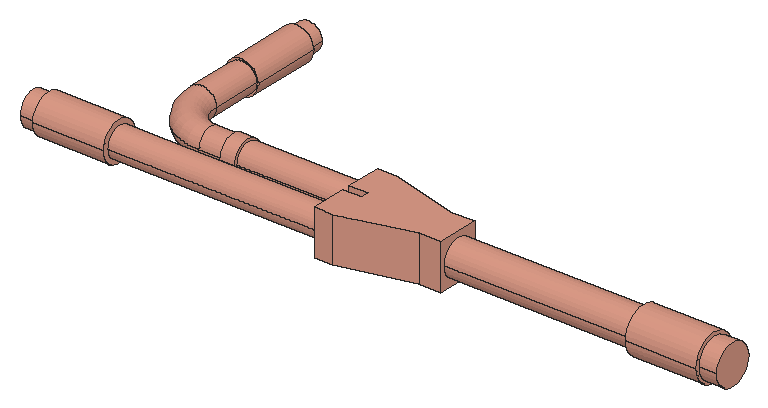
Revit family "outputfile", category 配管付属品, Revit 2024
Family settings
  丸型コネクタ寸法 = 半径を使用
  パーツ タイプ = 標準
  OmniClass 番号 = 23.65.55.00
  OmniClass タイトル = Distribution of Supplied Liquids/Gases
  作業面ベース = いいえ
  常に垂直 = はい
  ロード時にボイドで切り取り = いいえ
  共有 = いいえ
Parameters (values of type "BHFP22R168_(1)")
  Description = ""
  製造元 = "Daikin"
  書き出し IFC クラス(タイプ) = "IfcPipeFittingType"
  Default Elevation = 0.0 mm
  定義済み IFC タイプ(タイプ) = "JUNCTION"
  Cost = 0
  モデル = "BHFP22R168_(1)"
  Type Comments = ""
  Keynote = ""
  Type Image = (empty or 0)
  Assembly Code = ""
  table_PipeToCU_B [instance] = if(mm⇔inch, "Multi Module Kit_BHFP22R-_Liquid_PipeToCU_B", "Multi Module Kit_BHFP22R-_Liquid_PipeToCU_B_inch")  # "Multi Module Kit_BHFP22R-_Liquid_PipeToCU_B"
  table_PipeToCU_A [instance] = if(mm⇔inch, "Multi Module Kit_BHFP22R-_Liquid_PipeToCU_A", "Multi Module Kit_BHFP22R-_Liquid_PipeToCU_A_inch")  # "Multi Module Kit_BHFP22R-_Liquid_PipeToCU_A"
  table_ToMainPipe [instance] = if(mm⇔inch, "Multi Module Kit_BHFP22R-_Liquid_ToMainPipe", "Multi Module Kit_BHFP22R-_Liquid_ToMainPipe_inch")  # "Multi Module Kit_BHFP22R-_Liquid_ToMainPipe"
  switch_ToMainPipe3 [instance] = if(number_ToMainPipe < 3, 1 = 0, 1 = 1)  # no
  switch_PipeToCU_B Reducer [instance] = if(and(Is_PipeToCU_B Reducer = 1, judge_IsOffsetPipe_ToOutdoorUnitB = 0), 1 = 1, 1 = 0)  # no
  switch_PipeToCU_B4 [instance] = if(number_PipeToCU_B < 4, 1 = 0, 1 = 1)  # no
  switch_PipeToCU_B3 [instance] = if(number_PipeToCU_B < 3, 1 = 0, 1 = 1)  # no
  switch_PipeToCU_B2 [instance] = if(number_PipeToCU_B < 2, 1 = 0, 1 = 1)  # yes
  switch_PipeToCU_A Reducer [instance] = if(Is_PipeToCU_A Reducer = 1, 1 = 1, 1 = 0)  # yes
  switch_ToMainPipe Reducer [instance] = if(Is_ToMainPipe Reducer = 1, 1 = 1, 1 = 0)  # no
  switch_ToMainPipe2 [instance] = if(number_ToMainPipe < 2, 1 = 0, 1 = 1)  # yes
  r_PipeToCU_B_ActualDiameter [instance] = PipeToCU_B_Liquid_ActualDiameter / 2  # 7.95 mm
  r_PipeToCU_A_ActualDiameter [instance] = PipeToCU_A_Liquid_ActualDiameter / 2  # 6.35 mm
  r_ToMainPipe_ActualDiameter [instance] = ToMainPipe_Liquid_ActualDiameter / 2  # 9.55 mm
  number_PipeToCU_B ReducerPipe [instance] = size_lookup(table_PipeToCU_B, "reducerPipeNumber", 0, モデル, judge_IsOffsetPipe_ToOutdoorUnitB, PipeToCU_B_Liquid_ActualDiameter)  # 0
  number_PipeToCU_B [instance] = size_lookup(table_PipeToCU_B, "pipeNumber", 2, モデル, judge_IsOffsetPipe_ToOutdoorUnitB, PipeToCU_B_Liquid_ActualDiameter)  # 2
  number_PipeToCU_A ReducerPipe [instance] = size_lookup(table_PipeToCU_A, "reducerPipeNumber", 2, モデル, PipeToCU_A_Liquid_ActualDiameter)  # 2
  number_ToMainPipe [instance] = size_lookup(table_ToMainPipe, "pipeNumber", 3, モデル, ToMainPipe_Liquid_ActualDiameter)  # 2
  mm⇔inch [instance] = yes
  l_ToMainPipe3 [instance] = size_lookup(table_ToMainPipe, "L_Pipe3", 8.0 mm, モデル)  # 2.0 mm
  judge_IsOffsetPipe_ToOutdoorUnitB [instance] = 0  # constant formula
  Unit Type = "BHFP22R-_Liquid"
  Uniclass2015Version = "Products v1.31"
  Uniclass2015Title = "Copper pipe fittings"
  Uniclass2015Code = "Pr_65_52_63_18"
  URL = ""
  ToMainPipe_Liquid_Status [instance] = size_lookup(table_ToMainPipe, "Information", "The connected pipe size is not available.", モデル, ToMainPipe_Liquid_ActualDiameter)  # "Default connector size is used."
  ToMainPipe_Liquid_ActualDiameter [instance] = 19.1 mm
  Tag No. [instance] = ""
  Series = "Multi Module kit"
  PipeToCU_B_Liquid_Status [instance] = size_lookup(table_PipeToCU_B, "Information", "The connected pipe size is not available.", モデル, judge_IsOffsetPipe_ToOutdoorUnitB, PipeToCU_B_Liquid_ActualDiameter)  # "Default connector size is used."
  PipeToCU_B_Liquid_ActualDiameter [instance] = 15.9 mm
  PipeToCU_A_Liquid_Status [instance] = size_lookup(table_PipeToCU_A, "Information", "The connected pipe size is not available.", モデル, PipeToCU_A_Liquid_ActualDiameter)  # "Reducer is used at connector."
  PipeToCU_A_Liquid_ActualDiameter [instance] = 12.7 mm
  O.D_PipeToCU_B Reducer [instance] = size_lookup(table_PipeToCU_B, "O.D_reducer", 2.0 mm, モデル, judge_IsOffsetPipe_ToOutdoorUnitB, PipeToCU_B_Liquid_ActualDiameter)  # 2.0 mm
  Material_Piping = DAIKIN_Copper_Pipe
  Material_Insulation = DAIKIN_White_Insulation
  location_PipeToCU_A connector [instance] = size_lookup(table_PipeToCU_A, "Locationconnector", 107.0 mm, モデル, PipeToCU_A_Liquid_ActualDiameter)  # 107.0 mm
  l_PipeToCU_B connector [instance] = size_lookup(table_PipeToCU_B, "Length", 161.0 mm, モデル, judge_IsOffsetPipe_ToOutdoorUnitB, PipeToCU_B_Liquid_ActualDiameter)  # 159.0 mm
  l_PipeToCU_B Reducer [instance] = 80.0 mm  # constant formula
  l_PipeToCU_B4 [instance] = size_lookup(table_PipeToCU_B, "L_Pipe4", 2.0 mm, モデル)  # 2.0 mm
  l_PipeToCU_B3 [instance] = size_lookup(table_PipeToCU_B, "L_Pipe3", 2.0 mm, モデル)  # 2.0 mm
  l_PipeToCU_B2 [instance] = size_lookup(table_PipeToCU_B, "L_Pipe2", 8.0 mm, モデル)  # 8.0 mm
  l_PipeToCU_B1 [instance] = size_lookup(table_PipeToCU_B, "L_Pipe1", 38.0 mm, モデル)  # 38.0 mm
  l_PipeToCU_B0 [instance] = size_lookup(table_PipeToCU_B, "L_Pipe0", 115.0 mm, モデル)  # 113.0 mm
  l_PipeToCU_A connector [instance] = size_lookup(table_PipeToCU_A, "Length", 97.0 mm, モデル, PipeToCU_A_Liquid_ActualDiameter)  # 97.0 mm
  l_PipeToCU_A1 [instance] = size_lookup(table_PipeToCU_A, "L_Pipe1", 8.0 mm, モデル)  # 8.0 mm
  l_PipeToCU_A0 [instance] = size_lookup(table_PipeToCU_A, "L_Pipe0", 62.0 mm, モデル)  # 62.0 mm
  l_ToMainPipe connector [instance] = size_lookup(table_ToMainPipe, "Length", 163.0 mm, モデル, ToMainPipe_Liquid_ActualDiameter)  # 148.0 mm
  l_ToMainPipe Reducer [instance] = size_lookup(table_ToMainPipe, "L_Reducer", 2.0 mm, モデル, ToMainPipe_Liquid_ActualDiameter)  # 2.0 mm
  l_ToMainPipe2 [instance] = size_lookup(table_ToMainPipe, "L_Pipe2", 38.0 mm, モデル)  # 10.0 mm
  l_ToMainPipe1 [instance] = size_lookup(table_ToMainPipe, "L_Pipe1", 38.0 mm, モデル)  # 38.0 mm
  l_ToMainPipe0 [instance] = size_lookup(table_ToMainPipe, "L_Pipe0", 79.0 mm, モデル)  # 100.0 mm
  judge_JointType(1or2) = 1
  count_PipeToCU_B Reducer [instance] = 0  # constant formula
  count_PipeToCU_A Reducer [instance] = size_lookup(table_PipeToCU_A, "reducerCount", 1, モデル, PipeToCU_A_Liquid_ActualDiameter)  # 1
  angle_PipeToCU_A Pipe [instance] = if(RotateBranchPipetoCU_A_90°, 90.00°, 0.00°)  # 0.00°
  angle_PipeToCU_A Connector [instance] = angle_PipeToCU_A Pipe + 90.00°  # 90.00°
  PipeToCU_B_Liquid_AvailableDiameter [instance] = size_lookup(table_PipeToCU_B, "sizeVariation", "", モデル, judge_IsOffsetPipe_ToOutdoorUnitB)  # "15.9/19.1mm"
  PipeToCU_A_Liquid_AvailableDiameter [instance] = size_lookup(table_PipeToCU_A, "sizeVariation", "", モデル)  # "12.7/15.9mm"
  ToMainPipe_Liquid_AvailableDiameter [instance] = size_lookup(table_ToMainPipe, "sizeVariation", "", モデル)  # "19.1/22.2mm"
  RotateBranchPipetoCU_A_90° [instance] = no
  O.D_ToMainPipe Reducer [instance] = size_lookup(table_ToMainPipe, "O.D_reducer", 2.0 mm, モデル, ToMainPipe_Liquid_ActualDiameter)  # 2.0 mm
  Link_Nested Family [instance] = ""
  Is_PipeToCU_B Reducer [instance] = size_lookup(table_PipeToCU_B, "IsReducer", 0, モデル, judge_IsOffsetPipe_ToOutdoorUnitB, PipeToCU_B_Liquid_ActualDiameter)  # 0
  Is_PipeToCU_A Reducer [instance] = size_lookup(table_PipeToCU_A, "IsReducer", 1, モデル, PipeToCU_A_Liquid_ActualDiameter)  # 1
  Is_ToMainPipe Reducer [instance] = size_lookup(table_ToMainPipe, "IsReducer", 0, モデル, ToMainPipe_Liquid_ActualDiameter)  # 0
  IfcVersion = ""
  IfcExportType = "JUNCTION"
  IfcExportAs = "IfcPipeFittingType"
  I.D_ToMainPipe3 [instance] = size_lookup(table_ToMainPipe, "I.D_PipeSize3", 15.9 mm, モデル)  # 2.0 mm
  I.D_PipeToCU_B Reducer [instance] = size_lookup(table_PipeToCU_B, "I.D_reducer", 2.0 mm, モデル, judge_IsOffsetPipe_ToOutdoorUnitB, PipeToCU_B_Liquid_ActualDiameter)  # 2.0 mm
  Attach_Insulation [instance] = no
  I.D_PipeToCU_B4 [instance] = size_lookup(table_PipeToCU_B, "I.D_PipeSize4", 2.0 mm, モデル)  # 2.0 mm
  I.D_PipeToCU_B3 [instance] = size_lookup(table_PipeToCU_B, "I.D_PipeSize3", 2.0 mm, モデル)  # 2.0 mm
  I.D_PipeToCU_B2 [instance] = size_lookup(table_PipeToCU_B, "I.D_PipeSize2", 12.7 mm, モデル)  # 15.9 mm
  I.D_PipeToCU_B1 [instance] = size_lookup(table_PipeToCU_B, "I.D_PipeSize1", 15.9 mm, モデル)  # 19.1 mm
  I.D_PipeToCU_B0 [instance] = size_lookup(table_PipeToCU_B, "I.D_PipeSize0", 13.9 mm, モデル)  # 13.9 mm
  I.D_PipeToCU_A1 [instance] = 15.5 mm  # constant formula
  I.D_PipeToCU_A0 [instance] = 13.9 mm  # constant formula
  I.D_ToMainPipe Reducer [instance] = size_lookup(table_ToMainPipe, "I.D_reducer", 2.0 mm, モデル, ToMainPipe_Liquid_ActualDiameter)  # 2.0 mm
  I.D_ToMainPipe2 [instance] = size_lookup(table_ToMainPipe, "I.D_PipeSize2", 19.1 mm, モデル)  # 19.1 mm
  I.D_ToMainPipe1 [instance] = size_lookup(table_ToMainPipe, "I.D_PipeSize1", 22.2 mm, モデル)  # 22.2 mm
  I.D_ToMainPipe0 [instance] = size_lookup(table_ToMainPipe, "I.D_PipeSize0", 13.9 mm, モデル)  # 17.1 mm
Reference planes
  plane 1 "Center (Front/Back)": y = 0
  plane 2: z = 0
  plane 3 "pipe2": x = 225.65
  plane 4: x = 215.65
  plane 5: x = 177.65
  plane 6: x = 77.65
  plane 7: x = 17.65
  plane 8: x = -52.35
  plane 9: x = -95.35
  plane 10: x = -133.35
  plane 11: x = -141.35
  plane 12: x = -143.35
  plane 13: x = -145.35
  plane 14 "offset_center": y = 11.5
  plane 15: y = -11.5
  plane 16: x = -44.35
  plane 17: x = 127.65
  plane 18 "ToMainPipe_connector": x = 225.65
  plane 19 "connector_OutdoorunitA": x = -89.35
  plane 20 "pipe3": x = 227.65
  plane 21 "connector_PipeToCU_B": x = -141.35
Forms (mm)
  Extrusion 1, solid, material "DAIKIN_Copper_Pipe" <- "Material_Piping"
    sketch origin (0, 0, 0) x (1, 0, 0) y (0, 1, 0)
      loop
        line (17.65, 1.998) -> (27.65, 1.998) -> (27.65, -1.998) -> (17.65, -1.998) -> (17.65, -21.2) -> (27.65, -21.2) -> (65.65, -11.3) -> (77.65, -11.3) -> (77.65, 11.3) -> (65.65, 11.3) -> (27.65, 21.2) -> (17.65, 21.2) -> (17.65, 1.998)
    from -12.2 to 12.2
Dimensions and locks
  locked: plane 6 to plane 17 at 50
  "l_PipeToCU_A1": plane 8 to plane 16
  "l_PipeToCU_B1": plane 10 to plane 9
  "l_PipeToCU_B2": plane 11 to plane 10
  "l_PipeToCU_B3": plane 12 to plane 11
  "l_PipeToCU_B4": plane 13 to plane 12
  locked: plane 7 to plane 6 at 60
  "l_ToMainPipe1": plane 5 to plane 4
  "l_ToMainPipe2": plane 4 to plane 3 "pipe2"
  "l_ToMainPipe0": plane 6 to plane 5
  "l_ToMainPipe connector": plane 6 to plane 18 "ToMainPipe_connector"
  plane 14 "offset_center" to plane 1 "Center (Front/Back)" to plane 15 = 11.5 mm locked, 11.5 mm locked
  locked: plane 1 "Center (Front/Back)" to Extrusion 1 sketch curve at 11.3  (x2)
  locked: Extrusion 1 sketch curve to plane 1 "Center (Front/Back)" at 21.2
  locked: plane 1 "Center (Front/Back)" to Extrusion 1 sketch curve at 21.2
  "l_PipeToCU_A0": plane 16 to plane 7
  "location_PipeToCU_A connector": plane 19 "connector_OutdoorunitA" to plane 7
  "l_PipeToCU_B0": plane 9 to plane 7
  "l_ToMainPipe3": plane 3 "pipe2" to plane 20 "pipe3"
  "l_PipeToCU_B connector": plane 21 "connector_PipeToCU_B" to plane 7
  aligned and locked: level to plane 2
  aligned and locked: plane 2 to nested 1
  aligned and locked: plane 1 "Center (Front/Back)" to nested 1
  aligned and locked: plane 3 "pipe2" to nested 1
  aligned and locked: plane 4 to nested 1
  aligned and locked: plane 4 to nested 2
  aligned and locked: plane 5 to nested 2
  aligned and locked: plane 5 to nested 3
  aligned and locked: plane 6 to nested 3
  aligned and locked: plane 6 to Extrusion 1
  aligned and locked: Extrusion 1 to plane 7  (x2)
  aligned and locked: plane 7 to nested 4
  aligned and locked: plane 8 to nested 5
  aligned and locked: plane 16 to nested 5
  aligned and locked: nested 5 to plane 14 "offset_center"
  aligned and locked: nested 6 to plane 15
  aligned and locked: plane 7 to nested 6
  aligned and locked: plane 9 to nested 6
  aligned and locked: plane 10 to nested 7
  aligned and locked: plane 9 to nested 7
  aligned and locked: plane 11 to nested 8
  aligned and locked: plane 10 to nested 8
  aligned and locked: plane 12 to nested 9
  aligned and locked: plane 11 to nested 9
  aligned and locked: plane 13 to nested 10
  aligned and locked: plane 12 to nested 10
  aligned and locked: nested 10 to plane 15
  aligned and locked: nested 9 to plane 15
  aligned and locked: nested 8 to plane 15
  aligned and locked: nested 7 to plane 15
  aligned and locked: plane 1 "Center (Front/Back)" to nested 11
  aligned and locked: plane 17 to nested 11
  aligned and locked: plane 16 to nested 4
  aligned and locked: nested 12 to plane 14 "offset_center"
  aligned and locked: plane 8 to nested 12
  aligned and locked: plane 1 "Center (Front/Back)" to nested 13
  aligned and locked: plane 18 "ToMainPipe_connector" to nested 13
  aligned and locked: plane 6 to nested 14
  aligned and locked: plane 1 "Center (Front/Back)" to nested 3
  aligned and locked: nested 15 to plane 7
  aligned and locked: nested 4 to plane 14 "offset_center"
  aligned and locked: plane 3 "pipe2" to nested 16
  aligned and locked: plane 20 "pipe3" to nested 16
  aligned and locked: nested 15 to plane 15
  aligned and locked: nested 17 to plane 21 "connector_PipeToCU_B"
  aligned and locked: plane 15 to nested 17
  aligned and locked: plane 14 "offset_center" to nested 18
  aligned and locked: nested 18 to plane 19 "connector_OutdoorunitA"
Automatic sketch dimensions
  Extrusion 1 sketch curve to plane 7 = 0.0 mm  (x2)
  Extrusion 1 sketch curve to plane 6 = 0.0 mm
  plane 1 "Center (Front/Back)" to Extrusion 1 sketch curve = 1.998 mm
  Extrusion 1 sketch curve to Extrusion 1 sketch curve = 10.0 mm  (x3)
  Extrusion 1 sketch curve to plane 1 "Center (Front/Back)" = 1.998 mm
  Extrusion 1 sketch curve to Extrusion 1 sketch curve = 12.0 mm  (x2)
Nested families
  nested 1: "daikin_Pipe" at (220.65, 0, 0), I.D_Pipe <- "I.D_ToMainPipe2", display <- "switch_ToMainPipe2", type "*"
    with length_Pipe 10.0 mm, display yes, O.D_Pipe 21.1 mm, I.D_Pipe 19.1 mm
  nested 2: "daikin_Pipe" at (196.65, 0, 0), I.D_Pipe <- "I.D_ToMainPipe1", type "*"
    with length_Pipe 38.0 mm, display yes, O.D_Pipe 24.2 mm, I.D_Pipe 22.2 mm
  nested 3: "daikin_Pipe" at (127.65, 0, 0), I.D_Pipe <- "I.D_ToMainPipe0", type "*"
    with length_Pipe 100.0 mm, display yes, O.D_Pipe 19.1 mm, I.D_Pipe 17.1 mm
  nested 4: "daikin_Pipe" at (-13.35, 11.5, 0), I.D_Pipe <- "I.D_PipeToCU_A0", type "*"
    with length_Pipe 62.0 mm, display yes, O.D_Pipe 15.9 mm, I.D_Pipe 13.9 mm
  nested 5: "daikin_Pipe" at (-48.35, 11.5, 0), I.D_Pipe <- "I.D_PipeToCU_A1", type "*"
    with length_Pipe 8.0 mm, display yes, O.D_Pipe 17.5 mm, I.D_Pipe 15.5 mm
  nested 6: "daikin_Pipe" at (-38.85, -11.5, 0), I.D_Pipe <- "I.D_PipeToCU_B0", type "*"
    with length_Pipe 113.0 mm, display yes, O.D_Pipe 15.9 mm, I.D_Pipe 13.9 mm
  nested 7: "daikin_Pipe" at (-114.35, -11.5, 0), I.D_Pipe <- "I.D_PipeToCU_B1", type "*"
    with length_Pipe 38.0 mm, display yes, O.D_Pipe 21.1 mm, I.D_Pipe 19.1 mm
  nested 8: "daikin_Pipe" at (-137.35, -11.5, 0), I.D_Pipe <- "I.D_PipeToCU_B2", display <- "switch_PipeToCU_B2", type "*"
    with length_Pipe 8.0 mm, display yes, O.D_Pipe 17.9 mm, I.D_Pipe 15.9 mm
  nested 9: "daikin_Pipe" at (-142.35, -11.5, 0), display <- "switch_PipeToCU_B3", I.D_Pipe <- "I.D_PipeToCU_B3", visible <- "switch_PipeToCU_B3", type "*"
    with length_Pipe 2.0 mm, display no, O.D_Pipe 4.0 mm, I.D_Pipe 2.0 mm
  nested 10: "daikin_Pipe" at (-144.35, -11.5, 0), display <- "switch_PipeToCU_B4", I.D_Pipe <- "I.D_PipeToCU_B4", visible <- "switch_PipeToCU_B4", type "*"
    with length_Pipe 2.0 mm, display no, O.D_Pipe 4.0 mm, I.D_Pipe 2.0 mm
  nested 11: "daikin_MultiModeluKit_Insulation" at (127.65, 0, 0), display <- "Attach_Insulation", type "*"
    with h 54.2 mm, display no, I.D_Outlet PipeSize 22.2 mm
  nested 12: "daikin_Multi Module kit_Reducer90_rotate" at (-52.35, 11.5, 0), number_reducerPipe <- "number_PipeToCU_A ReducerPipe", angle_Pipe <- "angle_PipeToCU_A Pipe", I.D_Pipe <- "PipeToCU_A_Liquid_ActualDiameter", count_Reducer <- "count_PipeToCU_A Reducer", type "*"
    with number_reducerPipe 2, display_Pipe2 yes, display_Pipe1 yes, count_Reducer 1, angle_Pipe 0.00°, I.D_Pipe 12.7 mm
  nested 13: "daikin_Pipe_reducer" at (224.65, 0, 0), I.D_Pipe1 <- "I.D_ToMainPipe Reducer", O.D_Pipe2 <- "O.D_ToMainPipe Reducer", length_Pipe <- "l_ToMainPipe Reducer", display <- "switch_ToMainPipe Reducer", type "*"
    with length_Pipe 2.0 mm, display no, O.D_Pipe2 2.0 mm, O.D_Pipe1 4.0 mm, I.D_Pipe2 0.0 mm, I.D_Pipe1 2.0 mm
  nested 14: "daikin_connector_rotate3" at (77.65, 0, 0) x (0, 1, 0) z (0, 0, 1), length <- "l_ToMainPipe connector", type "daikin_connector_rotate3"
    with radius 10.0 mm, length 148.0 mm, angle_vertical 90.00°, angle_horizontal 0.00°
  nested 15: "daikin_connector_rotate3" at (17.65, -11.5, 0) x (0, -1, 0) z (0, 0, 1), length <- "l_PipeToCU_B connector", type "daikin_connector_rotate3"
    with radius 10.0 mm, length 159.0 mm, angle_vertical 90.00°, angle_horizontal 0.00°
  nested 16: "daikin_Pipe" at (226.65, 0, 0), display <- "switch_ToMainPipe3", I.D_Pipe <- "I.D_ToMainPipe3", type "*"
    with length_Pipe 2.0 mm, display no, O.D_Pipe 4.0 mm, I.D_Pipe 2.0 mm
  nested 17: "daikin_Pipe_reducer" at (-101.35, -11.5, 0) x (-1, 0, 0) z (0, 0, 1), length_Pipe <- "l_PipeToCU_B Reducer", I.D_Pipe1 <- "I.D_PipeToCU_B Reducer", O.D_Pipe2 <- "O.D_PipeToCU_B Reducer", display <- "switch_PipeToCU_B Reducer", type "*"
    with length_Pipe 80.0 mm, display no, O.D_Pipe2 2.0 mm, O.D_Pipe1 4.0 mm, I.D_Pipe2 0.0 mm, I.D_Pipe1 2.0 mm
  nested 18: "daikin_connector_rotate3" at (-89.35, 11.5, 0) x (-1, 0, 0) z (0, 0, 1), angle_vertical <- "angle_PipeToCU_A Connector", length <- "l_PipeToCU_A connector", type "daikin_connector_rotate3"
    with radius 10.0 mm, length 97.0 mm, angle_vertical 90.00°, angle_horizontal 0.00°
Connectors
  piping at (225.65, 0, 0), diameter 19.1, driven by "r_ToMainPipe_ActualDiameter"
    settings: on nested 14, index 1, connector inside diameter 609.6 mm, connector length 0.0 mm, flow factor 0, pipe flow 0.00 m³/h, pressure drop 0.0 Pa, fitting loss kfactor 0, connector angle 0.00°, fixture units 0, engagement length 0.0 mm, angle of deflection 0.00°, flow configuration 0, flow direction 2, fitting loss method 0, system type 29, joint type 0, gender type 0, connector reference index -1, connector utility 0, adjustable connector no, is connector primary yes, connector description "Multi Module kit_to Main Pipe_Liquid"
  piping at (-141.35, -11.5, 0), diameter 15.9, driven by "r_PipeToCU_B_ActualDiameter"
    settings: on nested 15, index 3, connector inside diameter 609.6 mm, connector length 0.0 mm, flow factor 0, pipe flow 0.00 m³/h, pressure drop 0.0 Pa, fitting loss kfactor 0, connector angle 0.00°, fixture units 0, engagement length 0.0 mm, angle of deflection 0.00°, flow configuration 0, flow direction 1, fitting loss method 0, system type 29, joint type 0, gender type 0, connector reference index -1, connector utility 0, adjustable connector no, is connector primary no, connector description "Multi Module kit_Piping to CU-B_Liquid"
  piping at (-89.35, 108.5, 0), diameter 12.7, driven by "r_PipeToCU_A_ActualDiameter"
    settings: on nested 18, index 4, connector inside diameter 609.6 mm, connector length 0.0 mm, flow factor 0, pipe flow 0.00 m³/h, pressure drop 0.0 Pa, fitting loss kfactor 0, connector angle 0.00°, fixture units 0, engagement length 0.0 mm, angle of deflection 0.00°, flow configuration 0, flow direction 1, fitting loss method 0, system type 29, joint type 0, gender type 0, connector reference index -1, connector utility 0, adjustable connector no, is connector primary no, connector description "Multi Module kit_Piping to CU-A_Liquid"
Definition of nested family "daikin_Pipe"
  Parameters (values of type "*")
    Default Elevation = 0.0 mm
    material = none
    length_Pipe [instance] = 150.0 mm
    display [instance] = yes
    O.D_Pipe [instance] = I.D_Pipe + 2.0 mm  # 27.0 mm
    I.D_Pipe [instance] = 25.0 mm
  Reference planes
    plane 1 "Center (Front/Back)": y = 0
    plane 2 "center(vertical)": z = 0
    plane 3 "Center (Left/Right)": x = 0
    plane 4 "left": x = -75
    plane 5 "right": x = 75
  Forms (mm)
    Extrusion 1, solid, material <- "material", visible <- "display"
      sketch origin (0, 0, 0) x (0, 1, 0) y (0, 0, 1)
        loop
          circle (0, 0) r 13.5
      from -75 to 75
  Dimensions and locks
    equal spacing: plane 4 "left", plane 3 "Center (Left/Right)", plane 5 "right"
    "length_Pipe": plane 4 "left" to plane 5 "right"
    "O.D_Pipe": diameter of Extrusion 1 sketch curve
    aligned and locked: level to plane 2 "center(vertical)"
    aligned and locked: plane 2 "center(vertical)" to Extrusion 1 sketch curve
    aligned and locked: plane 1 "Center (Front/Back)" to Extrusion 1 sketch curve
    aligned and locked: plane 5 "right" to Extrusion 1
    aligned and locked: Extrusion 1 to plane 4 "left"
Definition of nested family "daikin_Multi Module kit_Reducer90_rotate"
  Parameters (values of type "*")
    Default Elevation = 0.0 mm
    number_reducerPipe [instance] = 4
    material_Pipe = none
    display_Pipe2 [instance] = if(number_reducerPipe < 2, 1 = 0, 1 = 1)  # yes
    display_Pipe1 [instance] = if(number_reducerPipe < 1, 1 = 0, 1 = 1)  # yes
    count_Reducer [instance] = 0
    angle_Pipe [instance] = 30.00°
    I.D_Pipe [instance] = 0.0 mm
  Reference planes
    plane 1 "Center (Front/Back)": y = 0
    plane 2: z = 0
    plane 3 "Center (Left/Right)": x = 0
  Dimensions and locks
    "angle_Pipe": angle plane 2 to nested 1
    aligned and locked: level to plane 2
  Nested families
    nested 1: "daikin_Multi Module kit_Reducer90" at (0, 0, 0) x (1, 0, 0) z (0, -0.5, 0.866), display_Pipe2 <- "display_Pipe2", display_Pipe1 <- "display_Pipe1", I.D_connector <- "I.D_Pipe", count_Reducer <- "count_Reducer", type "*"
      with display_Reducer no, display_Pipe2 yes, display_Pipe1 yes, count_Reducer 0, I.D_connector 0.0 mm
  Definition of nested family "daikin_Multi Module kit_Reducer90"
    Parameters (values of type "*")
      Default Elevation = 0.0 mm
      material_Pipe = none
      display_Reducer [instance] = and(I.D_connector = 19.1 mm, count_Reducer = 2)  # no
      display_Pipe2 [instance] = yes
      display_Pipe1 [instance] = yes
      count_Reducer [instance] = 0
      O.D_Pipe2 = 12.7 mm + 2.0 mm  # 14.7 mm
      O.D_Pipe1 = 15.9 mm + 2.0 mm  # 17.9 mm
      O.D_Pipe0 = 15.9 mm  # constant formula
      I.D_connector [instance] = 0.0 mm
    Reference planes
      plane 1 "Center (Front/Back)": y = 0
      plane 2 "center_vertical": z = 0
      plane 3 "Center (Left/Right)": x = 0
      plane 4 "center_toOutdoor": x = -37
      plane 5: y = 52
      plane 6: y = 89
      plane 7: y = 97
    Forms (mm)
      Sweep 1, solid, material <- "material_Pipe"
        path origin (0, 0, 0) x (1, 0, 0) y (0, 1, 0)
          loop
            line (0, 0) -> (-12, 0)
            arc (-12, 0) -> (-29.678, 7.322) -> (-37, 25) r 25
            line (-37, 25) -> (-37, 52)
        profile origin (-6, 0, 0) x (0, -1, 0) y (0, 0, 1)
          loop
            circle (0, 0) r 7.95
      Extrusion 2, solid, material <- "material_Pipe", visible <- "display_Pipe1"
        sketch origin (0, 0, 0) x (1, 0, 0) y (0, 0, 1)
          loop
            circle (-37, 0) r 8.95
        from -89 to -52
      Extrusion 3, solid, material <- "material_Pipe", visible <- "display_Pipe2"
        sketch origin (75, -2.05, 0) x (1, 0, 0) y (0, 0, 1)
          loop
            circle (-112, 0) r 7.35
        from -99.05 to -91.05
    Lines and regions (mm)
      reference lines
        curve 1: line (0, 0, 0) -> (-37, 0, 0)
    Dimensions and locks
      locked: plane 1 "Center (Front/Back)" to plane 5 at 52
      locked: plane 6 to plane 5 at 37
      locked: plane 7 to plane 6 at 8
      plane 4 "center_toOutdoor" to plane 3 "Center (Left/Right)" = 37.0 mm
      "O.D_Pipe2": diameter of Extrusion 3 sketch curve
      "O.D_Pipe0": diameter of Sweep 1 sketch curve
      "O.D_Pipe1": diameter of Extrusion 2 sketch curve
      aligned and locked: level to plane 2 "center_vertical"
      aligned and locked: plane 6 to Extrusion 2
      aligned and locked: Extrusion 2 to plane 5
      aligned and locked: Extrusion 3 to plane 6
      aligned and locked: Sweep 1 sketch curve to plane 1 "Center (Front/Back)"
      aligned and locked: plane 3 "Center (Left/Right)" to curve 1
      aligned and locked: curve 1 to plane 1 "Center (Front/Back)"
      aligned and locked: plane 7 to Extrusion 3
      aligned and locked: plane 6 to nested 1
      aligned and locked: plane 4 "center_toOutdoor" to nested 1
    Automatic sketch dimensions
      Sweep 1 sketch curve to plane 4 "center_toOutdoor" = 0.0 mm
      Sweep 1 sketch curve to plane 3 "Center (Left/Right)" = 0.0 mm
      Sweep 1 sketch curve to plane 5 = 0.0 mm
      Sweep 1 sketch curve to plane 3 "Center (Left/Right)" = 12.0 mm
      curve 1 to plane 4 "center_toOutdoor" = 0.0 mm
      Sweep 1 sketch curve to level = 0.0 mm
      Sweep 1 sketch curve to profile plane = 0.0 mm
      Extrusion 2 sketch curve to level = 0.0 mm
      Extrusion 2 sketch curve to plane 4 "center_toOutdoor" = 0.0 mm
      Extrusion 3 sketch curve to level = 0.0 mm
      Extrusion 3 sketch curve to plane 4 "center_toOutdoor" = 0.0 mm
    Nested families
      nested 1: "daikin_Pipe_reducer" at (-37, 129.5, 0) x (0, 1, 0) z (0, 0, 1), display <- "display_Reducer", type "*"
        with length_Pipe 81.0 mm, display no, O.D_Pipe2 12.7 mm, O.D_Pipe1 21.1 mm, I.D_Pipe2 10.7 mm, I.D_Pipe1 19.1 mm
    Definition of nested family "daikin_Pipe_reducer"
      Parameters (values of type "*")
        Default Elevation = 0.0 mm
        material = none
        length_Pipe [instance] = 250.0 mm
        display [instance] = yes
        O.D_Pipe2 [instance] = 19.1 mm
        O.D_Pipe1 [instance] = I.D_Pipe1 + 2.0 mm  # 24.2 mm
        I.D_Pipe2 [instance] = O.D_Pipe2 - 2.0 mm  # 17.1 mm
        I.D_Pipe1 [instance] = 22.2 mm
      Reference planes
        plane 1 "Center (Front/Back)": y = 0
        plane 2 "center(vertical)": z = 0
        plane 3 "Center (Left/Right)": x = 0
        plane 4 "connection": x = -125
        plane 5 "right": x = 113
        plane 6: x = 125
      Forms (mm)
        Extrusion 1, solid, material <- "material", visible <- "display"
          sketch origin (0, 0, 0) x (0, 1, 0) y (0, 0, 1)
            loop
              circle (0, 0) r 9.55
          from -125 to 113
        Extrusion 2, solid, material <- "material", visible <- "display"
          sketch origin (0, 0, 0) x (0, 1, 0) y (0, 0, 1)
            loop
              circle (0, 0) r 12.1
          from 113 to 125
      Dimensions and locks
        locked: plane 5 "right" to plane 6 at 12
        "length_Pipe": plane 4 "connection" to plane 6
        equal spacing: plane 4 "connection", plane 3 "Center (Left/Right)", plane 6
        "O.D_Pipe2": diameter of Extrusion 1 sketch curve
        "O.D_Pipe1": diameter of Extrusion 2 sketch curve
        aligned and locked: level to plane 2 "center(vertical)"
        aligned and locked: plane 2 "center(vertical)" to Extrusion 1 sketch curve
        aligned and locked: plane 1 "Center (Front/Back)" to Extrusion 1 sketch curve
        aligned and locked: plane 5 "right" to Extrusion 1
        aligned and locked: Extrusion 1 to plane 4 "connection"
        aligned and locked: plane 2 "center(vertical)" to Extrusion 2 sketch curve
        aligned and locked: plane 1 "Center (Front/Back)" to Extrusion 2 sketch curve
        aligned and locked: Extrusion 2 to plane 5 "right"
        aligned and locked: plane 6 to Extrusion 2
Definition of nested family "daikin_MultiModeluKit_Insulation"
  Parameters (values of type "*")
    Default Elevation = 0.0 mm
    Model = ""
    material = none
    h [instance] = (I.D_Outlet PipeSize + 2.0 mm) + 30.0 mm  # 47.0 mm
    display [instance] = yes
    I.D_Outlet PipeSize [instance] = 15.0 mm
  Reference planes
    plane 1 "Center (Front/Back)": y = 0
    plane 2: z = 0
    plane 3 "Left": x = 0
    plane 4 "top": z = 23.5
    plane 5 "bottom": z = -23.5
  Forms (mm)
    Extrusion 1, solid, material <- "material", visible <- "display"
      sketch origin (0, 0, 0) x (1, 0, 0) y (0, 1, 0)
        loop
          line (0, -23) -> (0, 23) -> (-10, 23) -> (-50, 26.25) -> (-62.047, 26.25) -> (-100, 36) -> (-186, 36) -> (-186, 10) -> (-257, 10) -> (-257, -36) -> (-100, -36) -> (-62.047, -26.25) -> (-50, -26.25) -> (-10, -23) -> (0, -23)
      from -23.5 to 23.5
  Dimensions and locks
    equal spacing: plane 4 "top", plane 2, plane 5 "bottom"
    "h": plane 4 "top" to plane 5 "bottom"
    equal spacing: Extrusion 1 sketch curve, plane 1 "Center (Front/Back)", Extrusion 1 sketch curve  (x2)
    locked: Extrusion 1 sketch curve to Extrusion 1 sketch curve at 46
    locked: Extrusion 1 sketch curve to plane 3 "Left" at 10  (x2)
    locked: Extrusion 1 sketch curve to Extrusion 1 sketch curve at 52.5
    locked: Extrusion 1 sketch curve to plane 3 "Left" at 50  (x2)
    locked: Extrusion 1 sketch curve to plane 3 "Left" at 100  (x2)
    Extrusion 1 sketch curve to plane 3 "Left" = 186.0 mm
    locked: plane 1 "Center (Front/Back)" to Extrusion 1 sketch curve at 10
    Extrusion 1 sketch curve to plane 3 "Left" = 257.0 mm
    locked: Extrusion 1 sketch curve to plane 1 "Center (Front/Back)" at 36
    locked: plane 1 "Center (Front/Back)" to Extrusion 1 sketch curve at 36
    Extrusion 1 sketch curve to plane 3 "Left" = 62.047 mm  (x2)
    aligned and locked: level to plane 2
    aligned and locked: plane 3 "Left" to Extrusion 1
    aligned and locked: Extrusion 1 to plane 5 "bottom"
    aligned and locked: plane 4 "top" to Extrusion 1
  Automatic sketch dimensions
    Extrusion 1 sketch curve to plane 3 "Left" = 0.0 mm
    plane 1 "Center (Front/Back)" to Extrusion 1 sketch curve = 26.25 mm
Definition of nested family "daikin_Pipe_reducer"
  Parameters (values of type "*")
    Default Elevation = 0.0 mm
    material = none
    length_Pipe [instance] = 250.0 mm
    display [instance] = yes
    O.D_Pipe2 [instance] = 19.1 mm
    O.D_Pipe1 [instance] = I.D_Pipe1 + 2.0 mm  # 24.2 mm
    I.D_Pipe2 [instance] = O.D_Pipe2 - 2.0 mm  # 17.1 mm
    I.D_Pipe1 [instance] = 22.2 mm
  Reference planes
    plane 1 "Center (Front/Back)": y = 0
    plane 2 "center(vertical)": z = 0
    plane 3 "Center (Left/Right)": x = 0
    plane 4 "connection": x = -125
    plane 5 "right": x = 113
    plane 6: x = 125
  Forms (mm)
    Extrusion 1, solid, material <- "material", visible <- "display"
      sketch origin (0, 0, 0) x (0, 1, 0) y (0, 0, 1)
        loop
          circle (0, 0) r 9.55
      from -125 to 113
    Extrusion 2, solid, material <- "material", visible <- "display"
      sketch origin (0, 0, 0) x (0, 1, 0) y (0, 0, 1)
        loop
          circle (0, 0) r 12.1
      from 113 to 125
  Dimensions and locks
    locked: plane 5 "right" to plane 6 at 12
    "length_Pipe": plane 4 "connection" to plane 6
    equal spacing: plane 4 "connection", plane 3 "Center (Left/Right)", plane 6
    "O.D_Pipe2": diameter of Extrusion 1 sketch curve
    "O.D_Pipe1": diameter of Extrusion 2 sketch curve
    aligned and locked: level to plane 2 "center(vertical)"
    aligned and locked: plane 2 "center(vertical)" to Extrusion 1 sketch curve
    aligned and locked: plane 1 "Center (Front/Back)" to Extrusion 1 sketch curve
    aligned and locked: plane 5 "right" to Extrusion 1
    aligned and locked: Extrusion 1 to plane 4 "connection"
    aligned and locked: plane 2 "center(vertical)" to Extrusion 2 sketch curve
    aligned and locked: plane 1 "Center (Front/Back)" to Extrusion 2 sketch curve
    aligned and locked: Extrusion 2 to plane 5 "right"
    aligned and locked: plane 6 to Extrusion 2
Definition of nested family "daikin_connector_rotate3"
  Parameters (values of type "daikin_connector_rotate3")
    Default Elevation = 0.0 mm
    show_face = no
    show_circle = no
    radius [instance] = 10.0 mm
    length [instance] = 600.0 mm
    angle_horizontal [instance] = 60.00°
    angle_vertical [instance] = 90.00°
  Reference planes
    plane 1 "Center (Front/Back)": y = 0
    plane 2: z = 0
    plane 3 "Center (Left/Right)": x = 0
  Dimensions and locks
    "angle_horizontal": angle plane 3 "Center (Left/Right)" to nested 1
    aligned and locked: level to plane 2
    aligned and locked: plane 1 "Center (Front/Back)" to nested 1  (x2)
    aligned and locked: plane 3 "Center (Left/Right)" to nested 1
  Nested families
    nested 1: "daikin_connector_rotate2" at (0, 0, 0) x (0.5, 0.866, 0) z (0, 0, 1), angle_vertical <- "angle_vertical", length <- "length", radius <- "radius", type "daikin_connector_rotate2"
      with radius 10.0 mm, length 600.0 mm, angle_vertical 90.00°, show_face no, show_circle no
  Definition of nested family "daikin_connector_rotate2"
    Parameters (values of type "daikin_connector_rotate2")
      Default Elevation = 0.0 mm
      show_face = yes
      show_circle = yes
      radius [instance] = 10.0 mm
      length [instance] = 60.0 mm
      d_surface = 10.0 mm
      angle_vertical [instance] = 90.00°
    Reference planes
      plane 1 "Center (Front/Back)": y = 0
      plane 2: z = 0
      plane 3 "Center (Left/Right)": x = 0
    Forms (mm)
      Extrusion 1, solid, visible <- "show_face"
        sketch origin (0, -60, 0) x (1, 0, 0) y (0, 0, 1)
          loop
            circle (0, 0) r 10
        from 0 to -10
    Lines and regions (mm)
      reference lines
        curve 1: line (0, 0, 0) -> (0, -60, 0)
      symbolic lines, visible <- "show_circle"
        curve 2: circle (0, 0, 0) r 5 normal (0, 0, 1)
      model lines, visible <- "show_face"
        curve 3: line (0, 0, 0) -> (0, -60, 0)
    Dimensions and locks
      "length": curve 1 to curve 1
      "length": curve 3 to curve 3
      "d_surface": Extrusion 1 to Extrusion 1
      "radius": radius of Extrusion 1 sketch curve
      "angle_vertical": angle curve 1 to plane 1 "Center (Front/Back)"
      "angle_vertical": angle curve 3 to plane 1 "Center (Front/Back)"
      aligned and locked: level to plane 2
      aligned and locked: plane 1 "Center (Front/Back)" to curve 1
      aligned and locked: plane 2 to curve 1
      aligned and locked: plane 1 "Center (Front/Back)" to curve 2
      aligned and locked: plane 3 "Center (Left/Right)" to curve 2
      aligned and locked: plane 1 "Center (Front/Back)" to curve 3
      aligned and locked: plane 2 to curve 3
      aligned and locked: Extrusion 1 to Extrusion 1
    Automatic sketch dimensions
      Extrusion 1 sketch curve to level = 0.0 mm
      Extrusion 1 sketch curve to plane 3 "Center (Left/Right)" = 0.0 mm
      radius of curve 2 = 5.0 mm
